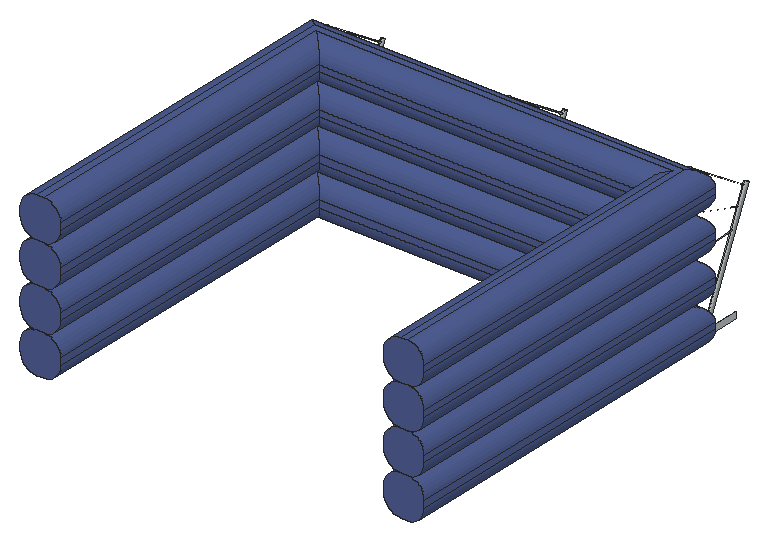
Revit family "DockEquipment_RainShelter_SuperSeal_R", category Generic Models, Revit 2011
Parameters
  offset [instance] = 0' - 10 3/4"
  Warranty Duration (Years) = 0
  Unit Width [instance] = Clear Width + (Bumper Width * 2)  # 10' - 0"
  Unit Height [instance] = Clear Height + Bumper Width  # 9' - 0"
  Unit Depth = 4' - 0"
  URL = "http://www.supersealmfg.com/"
  Specification = ""
  SpecWizard = ""
  Send Message = "http://www.arcat.com/users.pl?action=UserEmail&company=Super-Seal%20Mfg.%20Ltd&coid=44693&rep=119&fax=905-850-4440 &mf="
  Sales Information = "http://www.supersealmfg.com/ContactUs.htm"
  Revision = "R1_07-2011"
  Product Properties = ""
  Product Data = "http://arcat.com/arcatcos/cos44/arc44693.html?isac=1&r=1"
  Hood Material = Metal - Steel - Super Seal - Galvanized
  High Header [instance] = no
  Bumper Width = 1' - 0"
  Model = "As Specified"
  Material = Plastic - Vinyl - Super Seal - Blue
  Manufacturer Website = "http://www.supersealmfg.com/"
  Manufacturer Phone - Toll Free = "800-337-3239 "
  Manufacturer Phone = "800-337-3239 "
  Manufacturer Fax = "905-850-4440 "
  Manufacturer Address = "670 Rowntree Dairy Rd. Woodbridge , ON, Canada L4L-5T8"
  Manufacturer = "Super-Seal Mfg. Ltd"
  Maintenance Schedule (Months) = 0
  Keynote = ""
  Installation-Fabrication = ""
  Installation Phase = ""
  Green Building-LEED = ""
  Expected Lifespan (Years) = 0
  Drawn By = "Sumex Design, Inc. / Robert S. Weygant, CSI, CDT, SCIP"
  Description = "Super Seal"
  Default Elevation = 4' - 0"
  Copyright = "©Arcat Inc."
  Construction Details = "http://arcat.com/details/supersea/supersea.html?coid=44693"
  Clear Width [instance] = 8' - 0"
  Clear Height [instance] = 8' - 0"
  Assembly Code = ""
Reference planes (in)
  plane 1 "Center (Front/Back)": y = 0
  plane 2 "Bottom": z = 0
  plane 3 "Center (Left/Right)": x = 0
  plane 4 "Front": y = -54
  plane 5 "Left": x = -60
  plane 6 "Right": x = 60
  plane 7 "Top": z = 48
  plane 8: x = -48
  plane 9: x = 48
  plane 10: y = 42
  plane 11: y = 54
  plane 12: z = 12
  plane 13: z = 24
  plane 14: z = 36
  plane 15: y = 66
  plane 16: y = 74
  plane 17: x = -30
  plane 18: x = -15
  plane 19: x = -54
  plane 20: x = 54
Forms (in)
  Sweep 1, solid, material "Plastic - Vinyl - Super Seal - Blue" <- "Material"
    path origin (0, 0, 0) x (1, 0, 0) y (0, 1, 0)
      loop
        line (-48, -54) -> (-48, 42) -> (48, 42) -> (48, -54)
    profile origin (-48, -6, 0) x (-1, 0, 0) y (0, 0, 1)
      loop
        arc (0, 5) -> (1.46447, 1.46447) -> (5, 0) r 5
        line (5, 0) -> (7, 0)
        arc (7, 0) -> (10.53553, 1.46447) -> (12, 5) r 5
        line (12, 5) -> (12, 7)
        arc (12, 7) -> (10.53553, 10.53553) -> (7, 12) r 5
        line (7, 12) -> (5, 12)
        arc (5, 12) -> (1.46447, 10.53553) -> (0, 7) r 5
        line (0, 7) -> (0, 5)
  Sweep 2, solid, material "Plastic - Vinyl - Super Seal - Blue" <- "Material"
    path origin (0, 0, 0) x (1, 0, 0) y (0, 1, 0)
      loop
        line (-48, -54) -> (-48, 42) -> (48, 42) -> (48, -54)
    profile origin (-48, -6, 0) x (-1, 0, 0) y (0, 0, 1)
      loop
        arc (0, 17) -> (1.46447, 13.46447) -> (5, 12) r 5
        line (5, 12) -> (7, 12)
        arc (7, 12) -> (10.53553, 13.46447) -> (12, 17) r 5
        line (12, 17) -> (12, 19)
        arc (12, 19) -> (10.53553, 22.53553) -> (7, 24) r 5
        line (7, 24) -> (5, 24)
        arc (5, 24) -> (1.46447, 22.53553) -> (0, 19) r 5
        line (0, 19) -> (0, 17)
  Sweep 3, solid, material "Plastic - Vinyl - Super Seal - Blue" <- "Material"
    path origin (0, 0, 0) x (1, 0, 0) y (0, 1, 0)
      loop
        line (-48, -54) -> (-48, 42) -> (48, 42) -> (48, -54)
    profile origin (-48, -6, 0) x (-1, 0, 0) y (0, 0, 1)
      loop
        arc (0, 29) -> (1.46447, 25.46447) -> (5, 24) r 5
        line (5, 24) -> (7, 24)
        arc (7, 24) -> (10.53553, 25.46447) -> (12, 29) r 5
        line (12, 29) -> (12, 31)
        arc (12, 31) -> (10.53553, 34.53553) -> (7, 36) r 5
        line (7, 36) -> (5, 36)
        arc (5, 36) -> (1.46447, 34.53553) -> (0, 31) r 5
        line (0, 31) -> (0, 29)
  Blend 4, solid, material "Metal - Steel - Super Seal - Galvanized" <- "Hood Material"
    base sketch origin (0, 0, 0) x (1, 0, 0) y (0, 1, 0)
      loop
        line (-30, 74) -> (-30, 66) -> (-15, 66) -> (-15, 74) -> (-30, 74)
    top sketch origin (0, 0, 0) x (1, 0, 0) y (0, 1, 0)
      loop
        line (-30, 66) -> (-15, 66) -> (-15, 71.43177) -> (-30, 71.43177) -> (-30, 66)
    from 0 to 12
  Sweep 5, solid, material "Metal - Steel - Super Seal - Galvanized" <- "Hood Material"
    path origin (0, 0, 0) x (1, 0, 0) y (0, 1, 0)
      loop
        line (-22.5, 66) -> (-22.5, 49.25)
    profile origin (-22.5, 57.625, 0) x (1, 0, 0) y (0, 0, 1)
      loop
        circle (0, 5) r 3
  Sweep 6, solid, material "Plastic - Vinyl - Super Seal - Blue" <- "Material", visible <- "High Header"
    path origin (0, 0, 0) x (1, 0, 0) y (0, 1, 0)
      loop
        line (-48, 42) -> (48, 42)
    profile origin (0, 42, 0) x (0, 1, 0) y (0, 0, 1)
      loop
        arc (-21, 44.375) -> (-20.01149, 41.98851) -> (-17.625, 41) r 3.375
        line (-17.625, 41) -> (-3.375, 41)
        arc (-3.375, 41) -> (-0.98851, 41.98851) -> (0, 44.375) r 3.375
        line (0, 44.375) -> (0, 44.625)
        arc (0, 44.625) -> (-0.98851, 47.01149) -> (-3.375, 48) r 3.375
        line (-3.375, 48) -> (-17.625, 48)
        arc (-17.625, 48) -> (-20.01149, 47.01149) -> (-21, 44.625) r 3.375
        line (-21, 44.625) -> (-21, 44.375)
  Sweep 7, solid, material "Plastic - Vinyl - Super Seal - Blue" <- "Material"
    path origin (0, 0, 0) x (1, 0, 0) y (0, 1, 0)
      loop
        line (-48, -54) -> (-48, 42) -> (48, 42) -> (48, -54)
    profile origin (-48, -6, 0) x (-1, 0, 0) y (0, 0, 1)
      loop
        arc (0, 41) -> (1.46447, 37.46447) -> (5, 36) r 5
        line (5, 36) -> (7, 36)
        arc (7, 36) -> (10.53553, 37.46447) -> (12, 41) r 5
        line (12, 41) -> (12, 43)
        arc (12, 43) -> (10.53553, 46.53553) -> (7, 48) r 5
        line (7, 48) -> (5, 48)
        arc (5, 48) -> (1.46447, 46.53553) -> (0, 43) r 5
        line (0, 43) -> (0, 41)
  Extrusion 8, solid, material "Metal - Steel - Super Seal - Galvanized" <- "Hood Material"
    sketch origin (-84.43441, 54, 48) x (-1, 0, 0) y (0, 0, 1)
      loop
        line (-29.43441, -48) -> (-29.43441, -47.875) -> (-31.30941, -47.875) -> (-31.30941, -46) -> (-31.43441, -46) -> (-31.43441, -48) -> (-29.43441, -48)
      loop
        line (-83.43441, -48) -> (-83.43441, -47.875) -> (-85.30941, -47.875) -> (-85.30941, -46) -> (-85.43441, -46) -> (-85.43441, -48) -> (-83.43441, -48)
      loop
        line (-137.43441, -48) -> (-137.43441, -47.875) -> (-139.30941, -47.875) -> (-139.30941, -46) -> (-139.43441, -46) -> (-139.43441, -48) -> (-137.43441, -48)
    from 2 to 14
  Sweep 9, solid, material "Metal - Steel - Super Seal - Galvanized" <- "Hood Material"
    path origin (-54, -61.80139, 48) x (0, -1, 0) y (0, 0, 1)
      loop
        line (-119.32834, -47.10727) -> (-134.85956, -13.80046)
    profile origin (-54, 65.29256, 17.54614) x (0, 0.906308, -0.422618) y (-1, 0, 0)
      loop
        circle (0, 0) r 0.5
  Sweep 10, solid, material "Metal - Steel - Super Seal - Galvanized" <- "Hood Material"
    path origin (54, 82.57514, 48) x (0, 1, 0) y (0, 0, 1)
      loop
        line (-25.04819, -47.10727) -> (-9.51697, -13.80046)
    profile origin (54, 65.29256, 17.54614) x (0, -0.906308, 0.422618) y (1, 0, 0)
      loop
        circle (0, 0) r 0.5
  Sweep 11, solid, material "Metal - Steel - Super Seal - Galvanized" <- "Hood Material"
    path origin (0, 0, 0) x (0, 1, 0) y (0, 0, 1)
      loop
        line (57.52695, 0.89273) -> (73.05817, 34.19954)
    profile origin (0, 65.29256, 17.54614) x (0, -0.906308, 0.422618) y (1, 0, 0)
      loop
        circle (0, 0) r 0.5
  Sweep 12, solid, material "Metal - Steel - Super Seal - Galvanized" <- "Hood Material"
    path origin (-54, -61.80139, 48) x (0, -1, 0) y (0, 0, 1)
      loop
        line (-134.36243, -14.6303) -> (-113.56547, -0.83349)
    profile origin (-54, 62.16257, 40.2681) x (0, 0.552817, 0.833302) y (-1, 0, 0)
      loop
        circle (0, 0) r 0.0625
  Sweep 13, solid, material "Metal - Steel - Super Seal - Galvanized" <- "Hood Material"
    path origin (-54, -61.80139, 48) x (0, -1, 0) y (0, 0, 1)
      loop
        line (-132.12703, -19.39504) -> (-114.33692, -13.46447)
    profile origin (-54, 61.43059, 31.57025) x (0, 0.316254, 0.948675) y (-1, 0, 0)
      loop
        circle (0, 0) r 0.0625
  Sweep 14, solid, material "Metal - Steel - Super Seal - Galvanized" <- "Hood Material"
    path origin (-54, -61.80139, 48) x (0, -1, 0) y (0, 0, 1)
      loop
        line (-129.79916, -24.38324) -> (-114.33692, -25.46447)
    profile origin (-54, 60.26666, 23.07615) x (0, -0.069756, 0.997564) y (-1, 0, 0)
      loop
        circle (0, 0) r 0.0625
  Sweep 15, solid, material "Metal - Steel - Super Seal - Galvanized" <- "Hood Material"
    path origin (0, 0, 0) x (0, 1, 0) y (0, 0, 1)
      loop
        line (72.56104, 33.3697) -> (51.76409, 47.16651)
    profile origin (0, 62.16257, 40.2681) x (0, -0.552817, -0.833302) y (1, 0, 0)
      loop
        circle (0, 0) r 0.0625
  Sweep 16, solid, material "Metal - Steel - Super Seal - Galvanized" <- "Hood Material"
    path origin (0, 0, 0) x (0, 1, 0) y (0, 0, 1)
      loop
        line (70.32564, 28.60496) -> (52.53553, 34.53553)
    profile origin (0, 61.43059, 31.57025) x (0, -0.316254, -0.948675) y (1, 0, 0)
      loop
        circle (0, 0) r 0.0625
  Sweep 17, solid, material "Metal - Steel - Super Seal - Galvanized" <- "Hood Material"
    path origin (0, 0, 0) x (0, 1, 0) y (0, 0, 1)
      loop
        line (67.99778, 23.61676) -> (52.53553, 22.53553)
    profile origin (0, 60.26666, 23.07615) x (0, 0.069756, -0.997564) y (1, 0, 0)
      loop
        circle (0, 0) r 0.0625
  Sweep 18, solid, material "Metal - Steel - Super Seal - Galvanized" <- "Hood Material"
    path origin (54, 82.57514, 48) x (0, 1, 0) y (0, 0, 1)
      loop
        line (-10.0141, -14.6303) -> (-30.81106, -0.83349)
    profile origin (54, 62.16257, 40.2681) x (0, -0.552817, -0.833302) y (1, 0, 0)
      loop
        circle (0, 0) r 0.0625
  Sweep 19, solid, material "Metal - Steel - Super Seal - Galvanized" <- "Hood Material"
    path origin (54, 82.57514, 48) x (0, 1, 0) y (0, 0, 1)
      loop
        line (-12.2495, -19.39504) -> (-30.03961, -13.46447)
    profile origin (54, 61.43059, 31.57025) x (0, -0.316254, -0.948675) y (1, 0, 0)
      loop
        circle (0, 0) r 0.0625
  Sweep 20, solid, material "Metal - Steel - Super Seal - Galvanized" <- "Hood Material"
    path origin (54, 82.57514, 48) x (0, 1, 0) y (0, 0, 1)
      loop
        line (-14.57737, -24.38324) -> (-30.03961, -25.46447)
    profile origin (54, 60.26666, 23.07615) x (0, 0.069756, -0.997564) y (1, 0, 0)
      loop
        circle (0, 0) r 0.0625
Cuts and joins
  joined: Blend 4, Sweep 5
  joined: Extrusion 8, Sweep 9, Sweep 10, Sweep 11, Sweep 12, Sweep 13, Sweep 14, Sweep 15, Sweep 16, Sweep 17, Sweep 18, Sweep 19, Sweep 20
Dimensions and locks (in)
  equal spacing: plane 5 "Left", plane 3 "Center (Left/Right)", plane 6 "Right"
  "Unit Width": plane 5 "Left" to plane 6 "Right"
  equal spacing: plane 11, plane 1 "Center (Front/Back)", plane 4 "Front"
  "Unit Depth": plane 7 "Top" to level
  equal spacing: plane 8, plane 3 "Center (Left/Right)", plane 9
  "Clear Width": plane 8 to plane 9
  "Clear Height": plane 10 to plane 4 "Front"
  "Unit Height": plane 11 to plane 4 "Front"
  plane 16 to plane 15 to plane 11 = 0' - 8" locked, 1' - 0" locked
  plane 5 "Left" to plane 17 to plane 18 = 2' - 6" locked, 1' - 3" locked
  locked: plane 7 "Top" to Sweep 6 sketch curve at 7
  equal spacing: plane 9, plane 20, plane 6 "Right"
  equal spacing: plane 5 "Left", plane 19, plane 8
  equal spacing: plane 7 "Top", plane 14, plane 13, plane 12, level
  aligned and locked: plane 13 to Sweep 2 sketch curve
  aligned and locked: Sweep 2 sketch curve to plane 12
  aligned and locked: plane 14 to Sweep 3 sketch curve
  aligned and locked: Sweep 3 sketch curve to plane 13
  aligned and locked: plane 12 to Sweep 1 sketch curve
  aligned and locked: plane 8 to Sweep 1 sketch curve
  aligned and locked: Sweep 2 sketch curve to plane 5 "Left"
  aligned and locked: plane 8 to Sweep 2 sketch curve
  aligned and locked: plane 8 to Sweep 3 sketch curve
  aligned and locked: Sweep 3 sketch curve to plane 5 "Left"
  aligned and locked: plane 7 "Top" to Sweep 6 sketch curve
  aligned and locked: Sweep 1 sketch curve to plane 5 "Left"
  aligned and locked: plane 7 "Top" to Sweep 7 sketch curve
  aligned and locked: plane 8 to Sweep 7 sketch curve
  aligned and locked: Sweep 7 sketch curve to plane 14
  aligned and locked: Sweep 7 sketch curve to plane 5 "Left"
Automatic sketch dimensions
  Sweep 1 sketch curve to plane 8 = 0' - 0"
  Sweep 1 sketch curve to plane 9 = 0' - 0"
  Sweep 1 sketch curve to plane 4 "Front" = 0' - 0"  (x2)
  Sweep 1 sketch curve to plane 10 = 0' - 0"
  Sweep 1 sketch curve to level = 0' - 0"
  Sweep 1 sketch curve to profile plane = 0' - 5"  (x2)
  Sweep 1 sketch curve to Sweep 1 sketch curve = 0' - 2"  (x2)
  Sweep 2 sketch curve to plane 8 = 0' - 0"
  Sweep 2 sketch curve to plane 9 = 0' - 0"
  Sweep 2 sketch curve to plane 4 "Front" = 0' - 0"  (x2)
  Sweep 2 sketch curve to plane 10 = 0' - 0"
  Sweep 2 sketch curve to profile plane = 0' - 5"  (x2)
  Sweep 2 sketch curve to Sweep 2 sketch curve = 0' - 2"  (x2)
  Sweep 3 sketch curve to plane 8 = 0' - 0"
  Sweep 3 sketch curve to plane 9 = 0' - 0"
  Sweep 3 sketch curve to plane 4 "Front" = 0' - 0"  (x2)
  Sweep 3 sketch curve to plane 10 = 0' - 0"
  Sweep 3 sketch curve to profile plane = 0' - 5"  (x2)
  Sweep 3 sketch curve to Sweep 3 sketch curve = 0' - 2"  (x2)
  Blend 4 sketch curve to plane 15 = 0' - 0"  (x2)
  Blend 4 sketch curve to plane 17 = 0' - 0"  (x2)
  Blend 4 sketch curve to plane 18 = 0' - 0"  (x2)
  Blend 4 sketch curve to plane 16 = 0' - 0"
  Blend 4 sketch curve to plane 16 = 0' - 2.56823"
  Sweep 5 sketch curve to plane 15 = 0' - 0"
  Sweep 5 sketch curve to plane 17 = 0' - 7 1/2"
  Sweep 5 sketch curve to plane 11 = 0' - 4 3/4"
  Sweep 5 sketch curve to profile plane = 0' - 0"
  level to Sweep 5 sketch curve = 0' - 5"
  Sweep 6 sketch curve to plane 8 = 0' - 0"
  Sweep 6 sketch curve to plane 9 = 0' - 0"
  Sweep 6 sketch curve to plane 10 = 0' - 0"
  Sweep 6 sketch curve to profile plane = 0' - 0"
  profile plane to Sweep 6 sketch curve = 0' - 3 3/8"  (x2)
  Sweep 6 sketch curve to Sweep 6 sketch curve = 1' - 2 1/4"
  Sweep 6 sketch curve to Sweep 6 sketch curve = 0' - 0"
  Sweep 6 sketch curve to Sweep 6 sketch curve = 0' - 3 3/8"
  Sweep 7 sketch curve to plane 8 = 0' - 0"
  Sweep 7 sketch curve to plane 9 = 0' - 0"
  Sweep 7 sketch curve to plane 4 "Front" = 0' - 0"  (x2)
  Sweep 7 sketch curve to plane 10 = 0' - 0"
  Sweep 7 sketch curve to profile plane = 0' - 5"  (x2)
  Sweep 7 sketch curve to Sweep 7 sketch curve = 0' - 2"  (x2)
  Extrusion 8 sketch curve to level = 0' - 0"  (x3)
  plane 20 to Extrusion 8 sketch curve = 0' - 1"
  Extrusion 8 sketch curve to Extrusion 8 sketch curve = 0' - 0 1/8"  (x4)
  level to Extrusion 8 sketch curve = 0' - 0 1/8"  (x2)
  Extrusion 8 sketch curve to plane 20 = 0' - 1"
  plane 3 "Center (Left/Right)" to Extrusion 8 sketch curve = 0' - 1"
  Extrusion 8 sketch curve to plane 3 "Center (Left/Right)" = 0' - 1"
  Extrusion 8 sketch curve to plane 19 = 0' - 1"
  plane 19 to Extrusion 8 sketch curve = 0' - 1"
  Extrusion 8 sketch curve to Extrusion 8 sketch curve = 0' - 1 7/8"  (x3)
  Sweep 9 sketch curve to plane 16 = 0' - 0.94183"
  level to Sweep 9 sketch curve = 0' - 0.89273"
  plane 11 to Sweep 9 sketch curve = 0' - 3.52695"
  Sweep 9 sketch curve to plane 14 = 0' - 1.80046"
  Sweep 9 sketch curve to profile plane = 0' - 0"  (x2)
  level to Sweep 10 sketch curve = 0' - 0.89273"
  plane 11 to Sweep 10 sketch curve = 0' - 3.52695"
  Sweep 10 sketch curve to plane 16 = 0' - 0.94183"
  Sweep 10 sketch curve to plane 14 = 0' - 1.80046"
  Sweep 10 sketch curve to plane 20 = 0' - 0"
  Sweep 10 sketch curve to profile plane = 0' - 0"
  level to Sweep 11 sketch curve = 0' - 0.89273"
  plane 11 to Sweep 11 sketch curve = 0' - 3.52695"
  Sweep 11 sketch curve to plane 16 = 0' - 0.94183"
  Sweep 11 sketch curve to plane 14 = 0' - 1.80046"
  Sweep 11 sketch curve to plane 3 "Center (Left/Right)" = 0' - 0"
  Sweep 11 sketch curve to profile plane = 0' - 0"
  Sweep 12 sketch curve to plane 16 = 0' - 1.43896"
  Sweep 12 sketch curve to plane 7 "Top" = 0' - 0.83349"
  Sweep 12 sketch curve to plane 11 = 0' - 2.23591"
  Sweep 12 sketch curve to plane 14 = 0' - 2.6303"
  Sweep 12 sketch curve to plane 19 = 0' - 0"
  Sweep 12 sketch curve to profile plane = 0' - 0"
  Sweep 13 sketch curve to plane 16 = 0' - 3.67436"
  Sweep 13 sketch curve to plane 11 = 0' - 1.46447"
  plane 13 to Sweep 13 sketch curve = 0' - 4.60496"
  Sweep 13 sketch curve to plane 14 = 0' - 1.46447"
  Sweep 13 sketch curve to plane 19 = 0' - 0"
  Sweep 13 sketch curve to profile plane = 0' - 0"
  Sweep 14 sketch curve to plane 13 = 0' - 0.38324"
  plane 15 to Sweep 14 sketch curve = 0' - 1.99778"
  Sweep 14 sketch curve to plane 11 = 0' - 1.46447"
  Sweep 14 sketch curve to plane 13 = 0' - 1.46447"
  Sweep 14 sketch curve to plane 19 = 0' - 0"
  Sweep 14 sketch curve to profile plane = 0' - 0"
  Sweep 15 sketch curve to plane 7 "Top" = 0' - 0.83349"
  Sweep 15 sketch curve to plane 11 = 0' - 2.23591"
  Sweep 15 sketch curve to plane 16 = 0' - 1.43896"
  Sweep 15 sketch curve to plane 14 = 0' - 2.6303"
  Sweep 15 sketch curve to plane 3 "Center (Left/Right)" = 0' - 0"
  Sweep 15 sketch curve to profile plane = 0' - 0"
  Sweep 16 sketch curve to plane 11 = 0' - 1.46447"
  Sweep 16 sketch curve to plane 16 = 0' - 3.67436"
  plane 13 to Sweep 16 sketch curve = 0' - 4.60496"
  Sweep 16 sketch curve to plane 14 = 0' - 1.46447"
  Sweep 16 sketch curve to plane 3 "Center (Left/Right)" = 0' - 0"
  Sweep 16 sketch curve to profile plane = 0' - 0"
  Sweep 17 sketch curve to plane 11 = 0' - 1.46447"
  Sweep 17 sketch curve to plane 13 = 0' - 0.38324"
  plane 15 to Sweep 17 sketch curve = 0' - 1.99778"
  Sweep 17 sketch curve to plane 13 = 0' - 1.46447"
  Sweep 17 sketch curve to plane 3 "Center (Left/Right)" = 0' - 0"
  Sweep 17 sketch curve to profile plane = 0' - 0"
  Sweep 18 sketch curve to profile plane = 0' - 0"  (x2)
  Sweep 19 sketch curve to profile plane = 0' - 0"  (x2)
  Sweep 20 sketch curve to profile plane = 0' - 0"  (x2)
  Sweep 18 sketch curve to plane 7 "Top" = 0' - 0.83349"
  Sweep 18 sketch curve to plane 11 = 0' - 2.23591"
  Sweep 18 sketch curve to plane 16 = 0' - 1.43896"
  Sweep 18 sketch curve to plane 14 = 0' - 2.6303"
  Sweep 19 sketch curve to plane 11 = 0' - 1.46447"
  Sweep 19 sketch curve to plane 16 = 0' - 3.67436"
  plane 13 to Sweep 19 sketch curve = 0' - 4.60496"
  Sweep 19 sketch curve to plane 14 = 0' - 1.46447"
  Sweep 20 sketch curve to plane 11 = 0' - 1.46447"
  Sweep 20 sketch curve to plane 13 = 0' - 0.38324"
  plane 15 to Sweep 20 sketch curve = 0' - 1.99778"
  Sweep 20 sketch curve to plane 13 = 0' - 1.46447"
  radius of Sweep 5 sketch curve = 0' - 3"
  radius of Sweep 9 sketch curve = 0' - 0 1/2"
  radius of Sweep 10 sketch curve = 0' - 0 1/2"
  radius of Sweep 11 sketch curve = 0' - 0 1/2"
  radius of Sweep 12 sketch curve = 0' - 0 1/16"
  radius of Sweep 13 sketch curve = 0' - 0 1/16"
  radius of Sweep 14 sketch curve = 0' - 0 1/16"
  radius of Sweep 15 sketch curve = 0' - 0 1/16"
  radius of Sweep 16 sketch curve = 0' - 0 1/16"
  radius of Sweep 17 sketch curve = 0' - 0 1/16"
  radius of Sweep 18 sketch curve = 0' - 0 1/16"
  radius of Sweep 19 sketch curve = 0' - 0 1/16"
  radius of Sweep 20 sketch curve = 0' - 0 1/16"
